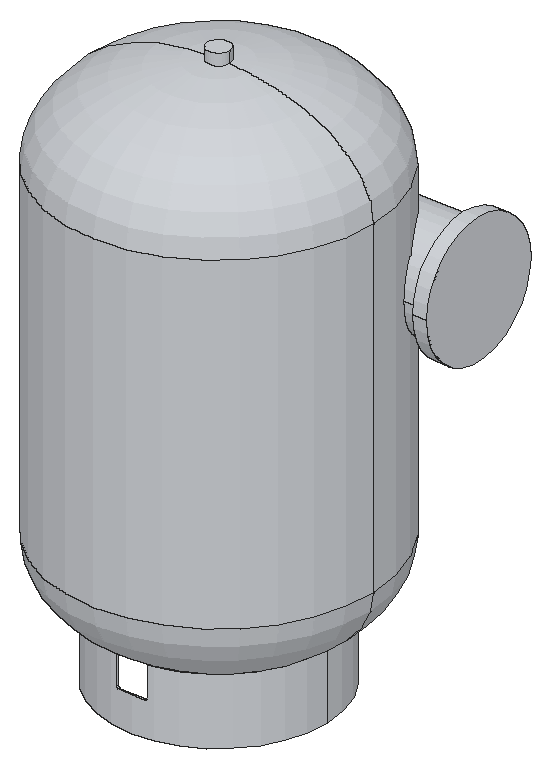
Revit family
Parameters (values of type "20-AS-L 125# W.P.")
  Weight = "4800 lbs"
  Top to Inlet = 35.875"
  Top Connection Radius = 1.500"
  Top Connection Diameter = Top Connection Radius * 2  # 3.000"
  Tank Height = 106.688"
  Tangential = yes
  Tank Height Less Stand = 99.750"
  Tank Diameter = 60.000"
  Pipe Location off CL = 19.000"
  Outlet Pipe Flange Conn. Radius = Outlet Pipe Flange Conn / 2  # 10.000"
  Outlet Pipe Flange Conn = 20.000"
  Model = "20\"-AS-L"
  Pressure Drop = ".23"
  Max Operating Temp = "350 DEG F"
  Max Operating Pressure = "125 PSI"
  Manufacturer = "Amtrol"
  Inlet CL to Outlet CL = 30.000"
  Inlet Pipe Flange Conn = 20.000"
  Inlet Pipe Flange Conn. Radius = Inlet Pipe Flange Conn / 2  # 10.000"
  Flow (GPM) = "5250"
  Flange to Flange Height = 70.000"
  CL to Outlet Flange = 35.000"
  Bottom Connection Radius = Bottom Connection Diameter / 2  # 1.500"
  Bottom Connection Diameter = 3.000"
  ASME = yes
Types (3): name | Pipe Location off CL | Max Operating Pressure
  (no name) | 19.000" | "125 PSI"
  20-AS-L 125# W.P. | 19.000" | "125 PSI"
  20-AS-L 150# W.P. 10 BAR | 15.000" | "150 PSI"
Reference planes (in)
  plane 1 "Center (Front/Back)": y = 0
  plane 2: z = 0
  plane 3 "Center (Left/Right)": x = -1.2315
Forms (in)
  Revolve 1, solid
    sketch origin (0, 0, 0) x (1, 0, 0) y (0, 0, 1)
      loop
        spline (28.7685, 82.75) -> (28.51184, 85.09947) -> (27.74627, 87.40874) -> (26.48488, 89.6383) -> (24.74926, 91.75) -> (22.5691, 93.70771) -> (19.9817, 95.47792) -> (17.03134, 97.03036) -> (13.7685, 98.33846) -> (10.249, 99.37983) -> (6.53307, 100.13666) -> (2.68428, 100.59601) -> (-1.2315, 100.75)
        line (-1.2315, 100.75) -> (-1.2315, 1)
        spline (-1.2315, 1) -> (2.68428, 1.15399) -> (6.53307, 1.61334) -> (10.249, 2.37017) -> (13.7685, 3.41154) -> (17.03134, 4.71964) -> (19.9817, 6.27208) -> (22.5691, 8.04229) -> (24.74926, 10) -> (26.48488, 12.1117) -> (27.74627, 14.34126) -> (28.51184, 16.65053) -> (28.7685, 19)
        line (28.7685, 19) -> (28.7685, 82.75)
      axis (-1.2315, 1) -> (-1.2315, 100.75)
    angle from 0 to 360
  Extrusion 2, solid
    sketch origin (0, 0, 4.33383) x (0, 1, 0) y (0, 0, 1)
      loop
        circle (19, 60.51285) r 10
    from 1.7685 to 31.00894
  Extrusion 3, solid
    sketch origin (1.78583, 0, 18.02222) x (0, 1, 0) y (0, 0, 1)
      loop
        circle (19, 16.82446) r 10
    from -34.75777 to -6.01733
  Extrusion 4, solid
    sketch origin (6.54208, 0, 8.25512) x (0, 1, 0) y (0, 0, 1)
      loop
        circle (19, 56.59156) r 12.5
    from 24.46686 to 27.22642
  Extrusion 5, solid
    sketch origin (0, 0, 0.63219) x (0, 1, 0) y (0, 0, 1)
      loop
        circle (19, 34.21449) r 13.75
    from -32.97194 to -36.2315
  Sweep 6, solid
    path origin (0.0083, 0, 42.63637) x (1, 0, 0) y (0, 0, 1)
      loop
        line (-1.2315, 58.08531) -> (-1.2315, 60.21969)
    profile origin (-1.2232, 0, 101.78887) x (-1, 0, 0) y (0, -1, 0)
      loop
        circle (0, 0) r 2.125
  Sweep 7, solid
    path origin (0, 0, 0.47237) x (1, 0, 0) y (0, 0, 1)
      loop
        line (-1.2315, -1.75069) -> (-1.2315, 0.49931)
    profile origin (-1.2315, 0, -0.15332) x (-1, 0, 0) y (0, -1, 0)
      loop
        circle (0, 0) r 2.125
  Extrusion 8, solid
    sketch origin (0, 0, 0) x (1, 0, 0) y (0, 1, 0)
      loop
        circle (-1.2315, 0) r 21
      loop
        circle (-1.2315, 0) r 20.75
    from 6.07796 to -6.7359
  Extrusion 9, void
    sketch origin (0, 0, 0) x (1, 0, 0) y (0, 0, 1)
      loop
        line (-4.2315, 6.07796) -> (-4.2315, 0.5)
        arc (-4.2315, 0.5) -> (-4.08505, 0.14645) -> (-3.7315, 0) r 0.5
        line (-3.7315, 0) -> (1.2685, 0)
        arc (1.2685, 0) -> (1.62205, 0.14645) -> (1.7685, 0.5) r 0.5
        line (1.7685, 0.5) -> (1.7685, 6.07796) -> (-4.2315, 6.07796)
    from 4.41095 to 33.97425
Cuts and joins
  Extrusion 9 cuts Sweep 7
  Extrusion 9 cuts Extrusion 8
Text (in)
  text "INLET" at (38.67413, 0, 74.30106), in view "Front"
  text "OUTLET" at (-48.81886, 0, 31.32958), in view "Front"
Dimensions and locks (in)
  "Pipe Location off CL": plane 1 "Center (Front/Back)" to Extrusion 2 sketch curve
  "Pipe Location off CL": plane 1 "Center (Front/Back)" to Extrusion 3 sketch curve
  "Pipe Location off CL": Extrusion 5 sketch curve to plane 1 "Center (Front/Back)"
  "Pipe Location off CL": Extrusion 4 sketch curve to plane 1 "Center (Front/Back)"
  "CL to Outlet Flange": Extrusion 5 to plane 3 "Center (Left/Right)"
  "Top to Inlet": Sweep 6 to Extrusion 4 sketch curve
  "Top to Inlet": Sweep 6 to Extrusion 2 sketch curve
  Sweep 6 to Extrusion 5 sketch curve = 65.875"
  locked: Sweep 6 to Extrusion 3 sketch curve at 65.875
  "Tank Height Less Stand": Sweep 6 sketch curve to cut or joined group of Sweep 7, Extrusion 9
  locked: Revolve 1 sketch curve to Revolve 1 sketch curve at 30
  "Tank Height Less Stand": Revolve 1 sketch curve to Revolve 1 sketch curve
  locked: Revolve 1 sketch curve to level at 1
  aligned: Extrusion 2 to Extrusion 4
  aligned and locked: Extrusion 3 to Extrusion 5
  aligned: Extrusion 3 to Extrusion 2
  aligned and locked: Extrusion 8 to Extrusion 9
  aligned and locked: plane 3 "Center (Left/Right)" to Sweep 7 sketch curve
  aligned and locked: cut or joined group of Extrusion 8, Extrusion 9 to Extrusion 3
  aligned and locked: Extrusion 2 to cut or joined group of Extrusion 8, Extrusion 9
Automatic sketch dimensions
  plane 1 "Center (Front/Back)" to Sweep 6 sketch curve = 0.000"
  Sweep 6 sketch curve to profile plane = 0.000"
  plane 1 "Center (Front/Back)" to Sweep 7 sketch curve = 0.000"
  Sweep 7 sketch curve to profile plane = 0.000"
  Extrusion 8 sketch curve to Extrusion 8 sketch curve = 0.000"  (x2)
  plane 1 "Center (Front/Back)" to Extrusion 8 sketch curve = 0.000"
  Extrusion 8 sketch curve to plane 3 "Center (Left/Right)" = 0.000"
  Extrusion 9 sketch curve to plane 3 "Center (Left/Right)" = 3.000"
  Extrusion 9 sketch curve to Extrusion 9 sketch curve = 0.500"  (x2)
  level to Extrusion 9 sketch curve = 0.500"
  plane 3 "Center (Left/Right)" to Extrusion 9 sketch curve = 2.500"
  level to Extrusion 9 sketch curve = 6.07796"
  plane 3 "Center (Left/Right)" to Sweep 6 sketch curve = 0.0083"
  Sweep 6 sketch curve to Sweep 6 sketch curve = 2.13438"
  Sweep 7 sketch curve to level = 1.27832"
  level to Sweep 7 sketch curve = 0.97168"
  Revolve 1 sketch curve to plane 3 "Center (Left/Right)" = 0.000"  (x2)
  Revolve 1 sketch curve to Revolve 1 sketch curve = 0.000"
  level to Revolve 1 sketch curve = 19.000"
  Revolve 1 sketch curve to Revolve 1 sketch curve = 18.000"
  Revolve 1 sketch curve to Revolve 1 sketch curve = 14.000"
  radius of Extrusion 2 sketch curve = 10.000"
  radius of Extrusion 3 sketch curve = 10.000"
  radius of Extrusion 4 sketch curve = 12.500"
  radius of Extrusion 5 sketch curve = 13.750"
  radius of Sweep 6 sketch curve = 2.125"
  radius of Sweep 7 sketch curve = 2.125"
  radius of Extrusion 8 sketch curve = 21.000"
  radius of Extrusion 8 sketch curve = 20.750"
Connectors (in)
  piping at (-1.2232, 0, 102.85606), driven by "Top Connection Radius"
    settings: on Sweep 6, index 3
  piping at (-36.2315, 19, 34.84668), driven by "Outlet Pipe Flange Conn. Radius"
    settings: on Extrusion 5, index 4
  piping at (-1.2315, 0, -1.27832), driven by "Bottom Connection Radius"
    settings: on Sweep 7, index 5
  piping at (33.7685, 19, 64.84668), driven by "Inlet Pipe Flange Conn. Radius"
    settings: on Extrusion 4, index 6
